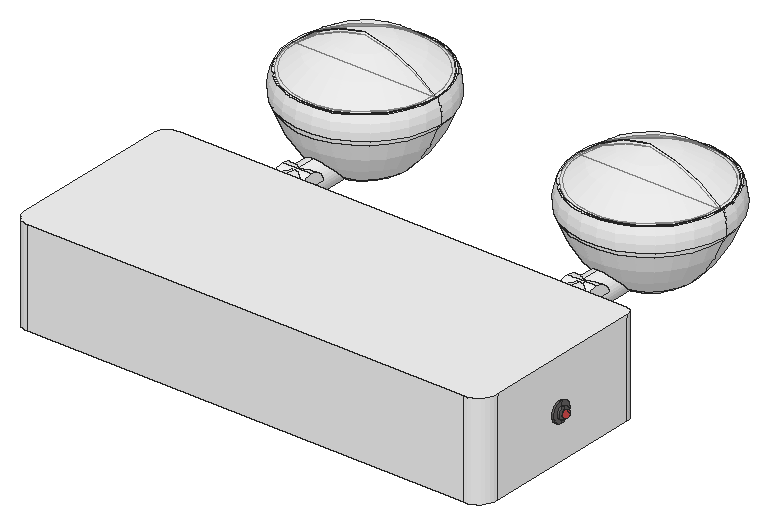
Revit family "CCU2", category Lighting Fixtures, host Face, Revit 2021
Family settings
  Host = Face
  Round Connector Dimension = Use Diameter
  Part Type = Normal
  OmniClass Number = 23.80.70.11.11
  OmniClass Title = General Luminaries, Non Directional
  Cut with Voids When Loaded = No
  Light Source = No
  Shared = No
  Room Calculation Point = No
Parameters (values of type "CCU2")
  Wattage Comments = "10W"
  Warranty = "5 year full unit warranty"
  URL = "https://www.currentlighting.com/dual-lite"
  Type Comments = "Light Fixture"  # constant formula
  Steel = Paint -  Textured Camera Black
  Single = yes
  Product Page URL = ""
  Product Doucumentation Link = ""
  Model = "CCU2"
  Manufacturer = "Dual-Lite "  # constant formula
  Length = 12.38"
  Lamp = "LED"
  LED = Paint - Red
  Depth = 2.50"
  Certification = "City of Chicago\r\nNFPA 101 (Life Safety Code)\r\nCertified to UL924 Damp Location Standards\r\nNEC\r\nOSHA"
  Glass = Glass - White
  Features = "Knockouts for wall mounting\r\nKnockouts for top and side mounting lamp heads\r\nAC-on and test switch"  # constant formula
  Description = "Chicago LED specific to City of Chicago code requirements."
  Default Elevation = 48.00"
  Copyrights = "© Dual-Lite"
  Contact Us = ""
  Body = Paint -  Matte White
  Apparent Load = 10 VA
Reference planes (in)
  plane 1 "Center (Front/Back)": y = 0
  plane 2: z = 0
  plane 3 "Center (Left/Right)": x = 0
  plane 4: x = -6.19
  plane 5: x = 6.19
  plane 6: y = 1.25
  plane 7: y = -1.25
  plane 8: z = 5
  plane 9: z = 11.375
Forms (in)
  Revolve 1, solid, material "Paint -  Textured Camera Black" <- "Steel"
    sketch origin (0, 0, -1.75) x (1, 0, 0) y (0, 0, 1)
      loop
        line (6.33063, 2.97827) -> (6.33063, 3.13553) -> (6.26587, 3.13553) -> (6.26587, 3.23857) -> (6.18955, 3.23857) -> (6.18955, 2.97827) -> (6.33063, 2.97827)
      axis (6.18955, 2.97827) -> (6.33063, 2.97827)
    angle from 0 to 360
  Revolve 2, solid, material "Paint - Red" <- "LED"
    sketch origin (0, 0, -1.75) x (1, 0, 0) y (0, 0, 1)
      loop
        line (6.33063, 2.97827) -> (6.47248, 2.97827)
        arc (6.47248, 2.97827) -> (6.43887, 3.04204) -> (6.37146, 3.06757) r 0.1018
        line (6.37146, 3.06757) -> (6.33063, 3.06757) -> (6.33063, 2.97827)
      axis (6.33063, 2.97827) -> (6.47248, 2.97827)
    angle from 0 to 360
  Extrusion 3, solid, material "Paint -  Matte White" <- "Body"
    sketch origin (0, -2.5, 1.25) x (1, 0, 0) y (0, 1, 0)
      loop
        line (-5.77497, 0) -> (5.69, 0)
        arc (5.69, 0) -> (6.04355, 0.14645) -> (6.19, 0.5) r 0.5
        line (6.19, 0.5) -> (6.19, 4.75)
        arc (6.19, 4.75) -> (6.11678, 4.92678) -> (5.94, 5) r 0.25
        line (5.94, 5) -> (-5.78556, 5)
        arc (-5.78556, 5) -> (-6.07154, 4.88154) -> (-6.19, 4.59556) r 0.40444
        line (-6.19, 4.59556) -> (-6.19, 0.41503)
        arc (-6.19, 0.41503) -> (-6.06844, 0.12156) -> (-5.77497, 0) r 0.41503
    from -1.25 to 1.25
Dimensions and locks (in)
  plane 8 to level = 5.00"
  "Depth": plane 6 to plane 7
  plane 7 to plane 6 = 2.50"
  plane 8 to host face = 5.00"
  plane 9 to host face = 11.375"
  "Length": plane 5 to plane 4
  equal spacing: plane 5, plane 3 "Center (Left/Right)", plane 4
  equal spacing: plane 6, plane 1 "Center (Front/Back)", plane 7
  aligned and locked: plane 2 to host face
  aligned and locked: level to host face
Automatic sketch dimensions
  host sketch curve to host sketch curve = 96.00"  (x2)
  Revolve 1 sketch curve to plane 5 = 0.00045"
  Revolve 1 sketch curve to Revolve 1 sketch curve = 0.07632"
  Revolve 1 sketch curve to Revolve 1 sketch curve = 0.06475"
  Revolve 1 sketch curve to Revolve 1 sketch curve = 0.10304"
  Revolve 1 sketch curve to plane 5 = 0.58924"
  Revolve 1 sketch curve to Revolve 1 sketch curve = 1.77014"
  Revolve 1 sketch curve to Revolve 1 sketch curve = 0.00"
  Revolve 1 sketch curve to plane 8 = 3.77173"
  Revolve 1 sketch curve to Revolve 1 sketch curve = 0.15726"
  plane 5 to Revolve 2 sketch curve = 0.14062"
  Revolve 2 sketch curve to Revolve 2 sketch curve = 0.04083"
  Revolve 2 sketch curve to plane 8 = 3.78423"
  Revolve 2 sketch curve to Revolve 2 sketch curve = 0.0125"
  Revolve 2 sketch curve to Revolve 2 sketch curve = 0.08929"
  Revolve 2 sketch curve to Revolve 2 sketch curve = 0.00"  (x2)
  Revolve 2 sketch curve to Revolve 2 sketch curve = 0.73371"
  Extrusion 3 sketch curve to plane 4 = 0.00"
  Extrusion 3 sketch curve to plane 5 = 0.00"
  plane 4 to Extrusion 3 sketch curve = 0.40444"
  plane 4 to Extrusion 3 sketch curve = 0.41503"
  Extrusion 3 sketch curve to plane 5 = 0.50"
  Extrusion 3 sketch curve to Extrusion 3 sketch curve = 0.25"
  plane 7 to Extrusion 3 sketch curve = 1.25"
  Extrusion 3 sketch curve to plane 6 = 0.84556"
Nested families (in)
  nested 1: "Single" at (-3.70604, 2.5, 1.38262) x (1, 0, 0) z (0, 1, 0), type "Single"
  nested 2: "Single" at (3.79396, 2.5, 1.38262) x (1, 0, 0) z (0, 1, 0), type "Single"
Connectors (in)
  electrical at (0.00868, 0.03257, 0)
    settings: on Extrusion 3, index 1, voltage 120 V, apparent load 10 VA, apparent load phase1 0 VA, apparent load phase2 0 VA, apparent load phase3 0 VA, power factor 1, load classification "Other", number of poles 1, system type 30, power factor state 1, is connector primary yes, connector utility no, sub classification motor no, connector description "Lighting Connector"
Definition of nested family "Single"
  Parameters
    Wattage = 9.2903 W
    built-in parameter 1150110 = 1 (stored number, unit not read)
    built-in parameter 1114217 = 1 (stored number, unit not read)
    Tilt Angle = 0.00°
    built-in parameter 1150109 = 1 (stored number, unit not read)
    built-in parameter 1150134 = 3
    built-in parameter 1150113 = 1 (stored number, unit not read)
    Steel = none
    Photometric Web File = "CCU2.ies"
    built-in parameter 1150105 = 28396.2 (stored number, unit not read)
    Lumens = 1380 lm
    built-in parameter 1150115 = 1 (stored number, unit not read)
    built-in parameter 1150137 = (empty or 0)
    built-in parameter 1150139 = (empty or 0)
    built-in parameter 1150112 = 1 (stored number, unit not read)
    built-in parameter 1150114 = 1 (stored number, unit not read)
    built-in parameter 1150132 = (empty or 0)
    built-in parameter 1150102 = (empty or 0)
    built-in parameter 1150107 = 3200 (stored number, unit not read)
    built-in parameter 1150138 = (empty or 0)
    built-in parameter 1150106 = 283.96 (stored number, unit not read)
    Glass = none
    built-in parameter 1150104 = 13.8 (stored number, unit not read)
    Dimming Lamp Color Temperature Shift = (empty or 0)
    Default Elevation = 48.00"
    Color Filter = 16777215
    Body = none
    built-in parameter 1114218 = 1 (stored number, unit not read)
    built-in parameter 1150133 = 10 (stored number, unit not read)
  Reference planes (in)
    plane 1 "Center (Front/Back)": y = 0
    plane 2: z = 0
    plane 3 "Center (Left/Right)": x = 0
    plane 4: z = 6
    plane 5: x = -2.125
    plane 6: x = 2.125
  Forms (in)
    Extrusion 1, solid
      sketch origin (0, 0, 0) x (1, 0, 0) y (0, 1, 0)
        loop
          line (-48, 48) -> (-48, -48) -> (48, -48) -> (48, 48) -> (-48, 48)
      from 0 to -12
    Revolve 2, solid, material <- "Body"
      sketch origin (-0.07285, 0.03595, -1.43125) x (0, 1, 0) y (-0.000042, 0, 1)
        loop
          line (-0.57562, 1.43597) -> (0, 1.43597) -> (0, 2.39836)
          arc (0, 2.39836) -> (-0.25967, 2.48596) -> (-0.39452, 2.72453) r 0.38342
          line (-0.39452, 2.72453) -> (-0.57562, 1.43597)
        axis (0, 2.72453) -> (0, 1.43597)
      angle from 0 to 360
    Extrusion 3, solid, material <- "Body"
      sketch origin (-0.07285, 0.03595, -1.43125) x (0, 1, 0) y (-0.000042, 0, 1)
        loop
          circle (0, 2.79049) r 0.4
        loop
          circle (0, 2.79049) r 0.04727
      from -0.37955 to 0.38293
    Revolve 4, solid, material <- "Body"
      sketch origin (-0.07293, 0.03595, 0.38408) x (0, 1, 0) y (-0.000042, 0, 1)
        loop
          arc (-0.39452, 1.04113) -> (-0.25847, 1.28044) -> (0, 1.37516) r 0.4
          line (0, 1.37516) -> (0, 3.4479) -> (-0.39452, 3.4479) -> (-0.39452, 1.04113)
        axis (0, 3.4479) -> (0, 1.04113)
      angle from 0 to 360
    Revolve 5, solid, material <- "Body"
      sketch origin (0, 0.45313, 3.48437) x (1, 0, 0) y (0, 1, 0)
        loop
          line (0, -0.00088) -> (0, -2.22506) -> (1.87977, -2.22506)
          arc (1.87977, -2.22506) -> (1.97546, -1.88519) -> (1.93782, -1.53412) r 0.93166
          arc (1.93782, -1.53412) -> (1.62451, -0.85374) -> (1.14217, -0.28067) r 2.80213
          arc (1.14217, -0.28067) -> (0.98659, -0.16708) -> (0.81054, -0.08889) r 0.90704
          arc (0.81054, -0.08889) -> (0.41019, 0.00038) -> (0, -0.00088) r 1.84753
        axis (0, -0.00088) -> (0, -2.22506)
      angle from 0 to 360
    Revolve 6, solid, material <- "Body"
      sketch origin (0, 0, 3.5) x (1, 0, 0) y (0, 1, 0)
        loop
          arc (1.96288, -1.20613) -> (1.96495, -1.50036) -> (1.88186, -1.78263) r 1.00684
          line (1.88186, -1.78263) -> (1.92538, -1.78263)
          arc (1.92538, -1.78263) -> (2.00847, -1.50036) -> (2.0064, -1.20613) r 1.00684
          line (2.0064, -1.20613) -> (1.96288, -1.20613)
        axis (0, -1.20613) -> (0, -1.78263)
      angle from 0 to 360
    Revolve 7, solid, material <- "Glass"
      sketch origin (0, 0, 3.5) x (1, 0, 0) y (0, 1, 0)
        loop
          arc (0, -2.66864) -> (1.01043, -2.37326) -> (1.88186, -1.78263) r 3.39592
          line (1.88186, -1.78263) -> (1.80164, -1.78263)
          arc (1.80164, -1.78263) -> (0.95926, -2.31547) -> (0, -2.58631) r 3.46318
          line (0, -2.58631) -> (0, -2.66864)
        axis (0, -1.78263) -> (0, -2.66864)
      angle from 0 to 360
  Dimensions and locks (in)
    aligned and locked: plane 2 to Extrusion 1
    aligned and locked: level to Extrusion 1
